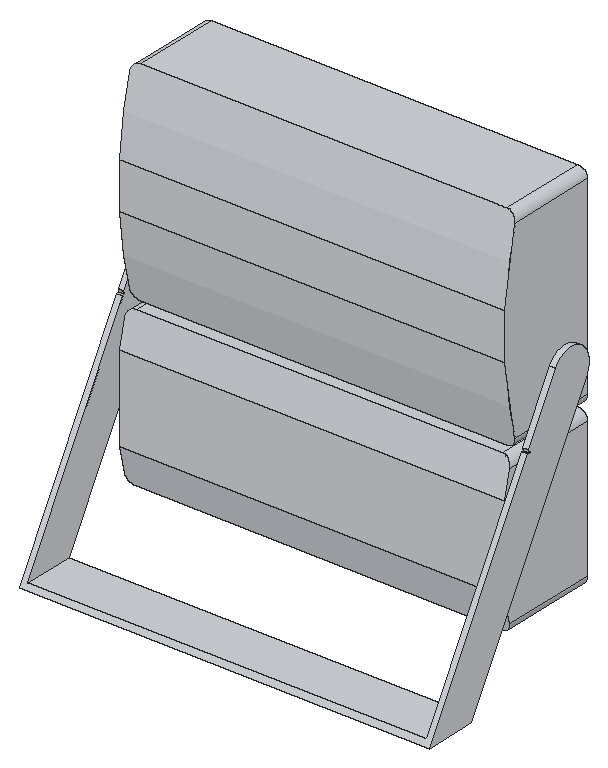
Revit family "Lighting-Floodlights-GEWISS-SMART[PRO]2.0-LED-MEDIUM-POWER_2MODULE_CLI", category Apparecchi per illuminazione, host Superficie, Revit 2019
Family settings
  Host = Superficie
  Quota connettore circolare = Usa diametro
  Tipo di parte = Normale
  Taglio con vuoti quando caricato = No
  Sorgente d'illuminazione = No
  Condiviso = No
  Punto di calcolo locali = No
Parameters (values of type "GWP2285NS - SMARTPRO2.0 2M 5700K CRI80 A3 1-10V CL1")
  Working temperature = ""
  Wiring = "Watertight connector"
  Weight (kg): = "13"
  Weight (kg) = ""
  Warranty = "5 years"
  Voltage- = ""
  Versions = "5700K cold light"
  Version type = ""
  Version file RFA = "20.11"
  VISIBILITA PROIETTORE IN PIANTA [instance] = no
  VIBILITA SIMBOLO [instance] = not(VISIBILITA PROIETTORE IN PIANTA)  # yes
  Unique digital code (Datamatrix) = "Currently not present"
  Unified Glare Rating = "G*6 - ULOR = 0"
  URL = "https://www.gewiss.com/ww/en"
  Typology = ""
  Type of light source = "LED - Not replaceable"
  Tilt- = "Rotation on bracket with integrated goniometer"
  Technical sheet = "https://www.gewiss.com/ww/en/search?q=GWP2285NS"
  System power = "330W"
  Supply voltage = "220 - 240 V"
  Stocking temperature = "-"
  Standards and approvals = "-"
  Standard- = "EN60598-1; EN60598-2-5; IEC 62778; IEC 62471; EN13201"
  Standard Deviation Colour Matching = "SDCM = 3"
  Spostamento_x_effettivo = 4000 mm - Spostamento_x  # 1813.822 mm
  Spostamento_x = 2186.178 mm
  Shock resistance = "IK08"
  Shield type = "Flat tempered glass 4mm"
  SEO = "Floodlight"
  Regolazione inclinazione = ""
  Realized by GEWISS S.p.A. = ""
  Rated frequency (Hz) = "50 / 60"
  Default Elevation = 1219.2 mm
  Produttore = "GEWISS S.p.A."
  Photobiological Risk Class = "-"
  Overvoltage resistance : = ""
  Overvoltage protection = "DM 5KV / CM 10KV"
  Optic and illuminating features = "-"
  Optic Maintenance = "Not available"
  Optic : = "Polished anodised aluminum reflector with 99.99% pure aluminum"
  Optic = "A3 - Assymetric Narrow"
  Operating temperature: = ""
  Operating temperature : = "-30 +50 °C"
  N° LED = ""
  Number of modules = ""
  No. Chorus modules = ""
  Mouting and installation = "High-mast lighting - Wall mounting - Ground mouting"
  Modello = "GWP2285NS"
  Minimum distance from the illuminated object = ""
  Maximum surface exposed to the wind : = "0,170 m2"
  Maximum surface exposed to the wind = ""
  Materials = "-"
  Luminaire = "LED luminaire with small,mid and high lumen power"
  Lumen output (lm) = "37200"
  Locking Hook = "Hexagonal metric screws"
  Lifetime = "L90B10 (Tq+25°C) - 40000h L90B10 (Tq+50°C) = 32000h L80B10 (Tq+25°C) - 90000h"
  Life Time L90B10 (Tq 50Â°C) : = ""
  Life Time L90B10 (Tq 25Â°C) : = ""
  Life Time L80B10 (Tq 25Â°C) = ""
  Lampada = "LED"
  Lamp- = ""
  LED current = ""
  LED Maintenance = "Not available"
  LED Life time (L90B10) = ""
  LED Life time (L80B10) = ""
  LED Life time (L70B10) = ""
  Insulation class = "I"
  Installationa and maintenance = "-"
  Immagine tipo = GWP2275AS.jpg
  IPEA = "ROAD = A // LARGE AREAS = A3 + // CYCLOPEDONALS = A + // GREEN AREAS = A + // HISTORICAL CENTER = A5 + // OTHER = A5 +"
  IP degree = "IP66"
  IFC.TypeObject = ""
  IFC.ExportType = ""
  IFC.ExportAs = ""
  IDT = "94ca63f114e34adea3421514a6ca964f"
  IDF = "b469e256-7a48-4a8c-90a1-02dc77c86b94"
  Glow Wire Test : = "-"
  General information = "-"
  Gasket = "Anti-aging silicone"
  GW - Codice Electrocod = "2424"
  Flusso nominale = ""
  Fixing = "Bracket"
  External screw = "Stainless steel"
  Eletrical and lighting features = "-"
  Efficiency (lm/W) = "113"
  EAN code = ""
  Driver Box = "Built-in"
  Driver = "Included"
  Device with reduced surface temperature = "No"
  Descrizione = "SMARTPRO2.0 2M 5700K CRI80 A3 1-10V CL1"
  DIN 18032-3 certification = "Yes"
  Control System = "Stand Alone - 1/10V"
  Context = "Sport, Big Areas"
  Colour temperature: = ""
  Colour temperature = "5700K"
  Colour : = "Polyester powder coated"
  Colour = "Graphite grey"
  Color Rendering Index = "CRI-80"
  Classification: = "-"
  Catalogue Range = ""
  Catalogue = "LIGHTING"
  COBie.Tagnumber = ""
  COBie.CreatedOn = ""
  COBie.CreatebBy = ""
  COBie.ComponentRegisterItemID = ""
  COBie.Component.TagNumber = ""
  COBie.Component.Space = ""
  COBie.Component.SerialNumber = ""
  COBie.Component.InstallationDate = ""
  COBie.Component.Description = ""
  COBie.Component.BarCode = ""
  Body = "Die-cast aluminium -"
  Applicazione = "Indoor / Outdoor"
Reference planes
  plane 1 "Centro (Fronte/Retro)": y = 0
  plane 2: z = 0
  plane 3 "Centro (Sinistra/Destra)": x = 0
  plane 4: x = -1813.822
  plane 5: x = 0
Lines and regions (mm)
  Masking region 1, visible <- "VISIBILITA PROIETTORE IN PIANTA"
    outline origin (0, 0, 0) x (1, 0, 0) y (0, 1, 0)
      loop
        line (-199.835, 106.682) -> (-199.835, -103.584) -> (200.165, -103.584) -> (200.165, 106.682) -> (-199.835, 106.682)
  Masking region 2, visible <- "VISIBILITA PROIETTORE IN PIANTA"
    outline origin (0, 0, 0) x (1, 0, 0) y (0, 1, 0)
      loop
        line (-212.835, -113.135) -> (213.165, -113.135) -> (213.165, 106.682) -> (207.165, 106.682) -> (207.165, -110.249) -> (-207.165, -110.249) -> (-207.165, 106.682) -> (-212.835, 106.682) -> (-212.835, -113.135)
  symbolic lines, visible <- "VISIBILITA PROIETTORE IN PIANTA"
    curve 1: line (-193.91, 0, 417.088) -> (173.228, 0, 417.088)
    curve 2: line (-206.772, 0, 217.838) -> (-206.772, 0, 404.227)
    curve 3: line (173.228, 0, 197.838) -> (-186.772, 0, 197.838)
    curve 4: line (193.228, 0, 397.088) -> (193.228, 0, 217.838)
    curve 5: arc (-206.772, 0, 404.227) -> (-203.005, 0, 413.321) -> (-193.91, 0, 417.088) r 12.861
    curve 6: arc (193.228, 0, 397.088) -> (187.37, 0, 411.23) -> (173.228, 0, 417.088) r 20
    curve 7: arc (173.228, 0, 197.838) -> (187.37, 0, 203.696) -> (193.228, 0, 217.838) r 20
    curve 8: arc (-206.772, 0, 217.838) -> (-200.914, 0, 203.696) -> (-186.772, 0, 197.838) r 20
    curve 9: line (-193.91, 0, 182.088) -> (173.228, 0, 182.088)
    curve 10: line (-206.772, 0, 57.838) -> (-206.772, 0, 169.227)
    curve 11: line (173.228, 0, 37.838) -> (-186.772, 0, 37.838)
    curve 12: line (193.228, 0, 162.088) -> (193.228, 0, 57.838)
    curve 13: arc (-206.772, 0, 169.227) -> (-203.005, 0, 178.321) -> (-193.91, 0, 182.088) r 12.861
    curve 14: arc (193.228, 0, 162.088) -> (187.37, 0, 176.23) -> (173.228, 0, 182.088) r 20
    curve 15: arc (173.228, 0, 37.838) -> (187.37, 0, 43.696) -> (193.228, 0, 57.838) r 20
    curve 16: arc (-206.772, 0, 57.838) -> (-200.914, 0, 43.696) -> (-186.772, 0, 37.838) r 20
    curve 17: line (-227.35, 0, 25) -> (-227.35, 0, 253.745)
    curve 18: line (-222.35, 0, 248.021) -> (-222.35, 0, 30)
    curve 19: line (181.521, 0, 0) -> (-192.35, 0, 0)
    curve 20: line (-197.35, 0, -5) -> (186.521, 0, -5)
    curve 21: arc (-227.35, 0, 25) -> (-218.563, 0, 3.787) -> (-197.35, 0, -5) r 30
    curve 22: arc (-222.35, 0, 30) -> (-213.563, 0, 8.787) -> (-192.35, 0, 0) r 30
    curve 23: line (-227.35, 0, 211.958) -> (-225.82, 0, 211.958)
    curve 24: line (-225.82, 0, 211.958) -> (-227.841, 0, 215.455)
    curve 25: line (-227.841, 0, 215.455) -> (-231.85, 0, 222.399)
    curve 26: line (-231.85, 0, 222.399) -> (-231.85, 0, 228.935)
    curve 27: line (-231.85, 0, 228.935) -> (-231.85, 0, 247.511)
    curve 28: line (-231.85, 0, 247.511) -> (-226.218, 0, 257.265)
    curve 29: line (-222.35, 0, 211.265) -> (-204.35, 0, 211.265)
    curve 30: line (-204.35, 0, 257.265) -> (-226.218, 0, 257.265)
    curve 31: line (216.521, 0, 25) -> (216.521, 0, 253.745)
    curve 32: line (211.521, 0, 248.021) -> (211.521, 0, 30)
    curve 33: arc (216.521, 0, 25) -> (207.734, 0, 3.787) -> (186.521, 0, -5) r 30
    curve 34: arc (211.521, 0, 30) -> (202.734, 0, 8.787) -> (181.521, 0, 0) r 30
    curve 35: line (216.521, 0, 211.958) -> (214.991, 0, 211.958)
    curve 36: line (214.991, 0, 211.958) -> (217.011, 0, 215.455)
    curve 37: line (217.011, 0, 215.455) -> (221.021, 0, 222.399)
    curve 38: line (221.021, 0, 222.399) -> (221.021, 0, 228.935)
    curve 39: line (221.021, 0, 228.935) -> (221.021, 0, 247.511)
    curve 40: line (221.021, 0, 247.511) -> (215.389, 0, 257.265)
    curve 41: line (211.521, 0, 211.265) -> (193.521, 0, 211.265)
    curve 42: line (193.521, 0, 257.265) -> (215.389, 0, 257.265)
  symbolic lines, visible <- "VISIBILITA PROIETTORE IN PIANTA", not visible
    curve 43: line (-193.91, 0, 417.088) -> (173.228, 0, 417.088)
    curve 44: line (-206.772, 0, 217.838) -> (-206.772, 0, 404.227)
    curve 45: line (173.228, 0, 197.838) -> (-186.772, 0, 197.838)
    curve 46: line (193.228, 0, 397.088) -> (193.228, 0, 217.838)
    curve 47: arc (-206.772, 0, 404.227) -> (-203.005, 0, 413.321) -> (-193.91, 0, 417.088) r 12.861
    curve 48: arc (193.228, 0, 397.088) -> (187.37, 0, 411.23) -> (173.228, 0, 417.088) r 20
    curve 49: arc (173.228, 0, 197.838) -> (187.37, 0, 203.696) -> (193.228, 0, 217.838) r 20
    curve 50: arc (-206.772, 0, 217.838) -> (-200.914, 0, 203.696) -> (-186.772, 0, 197.838) r 20
    curve 51: line (-193.91, 0, 182.088) -> (173.228, 0, 182.088)
    curve 52: line (-206.772, 0, 57.838) -> (-206.772, 0, 169.227)
    curve 53: line (173.228, 0, 37.838) -> (-186.772, 0, 37.838)
    curve 54: line (193.228, 0, 162.088) -> (193.228, 0, 57.838)
    curve 55: arc (-206.772, 0, 169.227) -> (-203.005, 0, 178.321) -> (-193.91, 0, 182.088) r 12.861
    curve 56: arc (193.228, 0, 162.088) -> (187.37, 0, 176.23) -> (173.228, 0, 182.088) r 20
    curve 57: arc (173.228, 0, 37.838) -> (187.37, 0, 43.696) -> (193.228, 0, 57.838) r 20
    curve 58: arc (-206.772, 0, 57.838) -> (-200.914, 0, 43.696) -> (-186.772, 0, 37.838) r 20
    curve 59: line (-227.35, 0, 25) -> (-227.35, 0, 253.745)
    curve 60: line (-222.35, 0, 248.021) -> (-222.35, 0, 30)
    curve 61: line (181.521, 0, 0) -> (-192.35, 0, 0)
    curve 62: line (-197.35, 0, -5) -> (186.521, 0, -5)
    curve 63: arc (-227.35, 0, 25) -> (-218.563, 0, 3.787) -> (-197.35, 0, -5) r 30
    curve 64: arc (-222.35, 0, 30) -> (-213.563, 0, 8.787) -> (-192.35, 0, 0) r 30
    curve 65: line (-227.35, 0, 211.958) -> (-225.82, 0, 211.958)
    curve 66: line (-225.82, 0, 211.958) -> (-227.841, 0, 215.455)
    curve 67: line (-227.841, 0, 215.455) -> (-231.85, 0, 222.399)
    curve 68: line (-231.85, 0, 222.399) -> (-231.85, 0, 228.935)
    curve 69: line (-231.85, 0, 228.935) -> (-231.85, 0, 247.511)
    curve 70: line (-231.85, 0, 247.511) -> (-226.218, 0, 257.265)
    curve 71: line (-222.35, 0, 211.265) -> (-204.35, 0, 211.265)
    curve 72: line (-204.35, 0, 257.265) -> (-226.218, 0, 257.265)
    curve 73: line (216.521, 0, 25) -> (216.521, 0, 253.745)
    curve 74: line (211.521, 0, 248.021) -> (211.521, 0, 30)
    curve 75: arc (216.521, 0, 25) -> (207.734, 0, 3.787) -> (186.521, 0, -5) r 30
    curve 76: arc (211.521, 0, 30) -> (202.734, 0, 8.787) -> (181.521, 0, 0) r 30
    curve 77: line (216.521, 0, 211.958) -> (214.991, 0, 211.958)
    curve 78: line (214.991, 0, 211.958) -> (217.011, 0, 215.455)
    curve 79: line (217.011, 0, 215.455) -> (221.021, 0, 222.399)
    curve 80: line (221.021, 0, 222.399) -> (221.021, 0, 228.935)
    curve 81: line (221.021, 0, 228.935) -> (221.021, 0, 247.511)
    curve 82: line (221.021, 0, 247.511) -> (215.389, 0, 257.265)
    curve 83: line (211.521, 0, 211.265) -> (193.521, 0, 211.265)
    curve 84: line (193.521, 0, 257.265) -> (215.389, 0, 257.265)
Dimensions and locks
  plane 4 to plane 3 "Centro (Sinistra/Destra)" = 1813.822 mm
  "Spostamento_x_effettivo": plane 4 to plane 5
  aligned and locked: plane 2 to host face
  aligned and locked: level to host face
  aligned and locked: plane 3 "Centro (Sinistra/Destra)" to nested 1
  aligned and locked: plane 1 "Centro (Fronte/Retro)" to nested 1
  aligned and locked: plane 5 to nested 2
Automatic sketch dimensions
  host sketch curve to host sketch curve = 2438.4 mm  (x2)
  Masking region 1 sketch curve to plane 3 "Centro (Sinistra/Destra)" = 199.835 mm
  plane 3 "Centro (Sinistra/Destra)" to Masking region 1 sketch curve = 200.165 mm
  plane 1 "Centro (Fronte/Retro)" to Masking region 1 sketch curve = 103.584 mm
  Masking region 1 sketch curve to plane 1 "Centro (Fronte/Retro)" = 106.682 mm
  Masking region 2 sketch curve to plane 3 "Centro (Sinistra/Destra)" = 212.835 mm
  Masking region 2 sketch curve to Masking region 2 sketch curve = 5.671 mm
  plane 3 "Centro (Sinistra/Destra)" to Masking region 2 sketch curve = 207.165 mm
  Masking region 2 sketch curve to Masking region 2 sketch curve = 6 mm
  plane 1 "Centro (Fronte/Retro)" to Masking region 2 sketch curve = 113.135 mm
  Masking region 2 sketch curve to Masking region 2 sketch curve = 2.887 mm
  Masking region 2 sketch curve to plane 1 "Centro (Fronte/Retro)" = 106.682 mm  (x2)
Nested families
  nested 1: "SMART[PRO]2.0 PROIETTORI LED MEDIA POTENZA 2 MOD DALI_BASE" at (-212.835, -103.584, 0), type "GWP2273AD - 3000K - Symm. S1 - 2x80 LED - 330W - IP66"
  nested 2: "SIMB2DALI" at (0, 20, 0), type "SIMB2DALI"
  nested 3: "SIMB2DALI" at (0, 0, 228.171) x (1, 0, 0) z (0, -1, 0), visible <- "VIBILITA SIMBOLO", type "SIMB2DALI"
Definition of nested family "SMART[PRO]2.0 PROIETTORI LED MEDIA POTENZA 2 MOD DALI_BASE"
  Parameters (values of type "GWP2273AD - 3000K - Symm. S1 - 2x80 LED - 330W - IP66")
    l = 400 mm  # constant formula
    Vetro = none
    Versioni = "Luce calda 3000K"
    Temperatura di colore = "3000 K (CRI 70)"
    Superficie massima esposta al vento [mq] = "0,43"
    Serie = "SMART [PRO] 2.0"
    Resistenza agli urti = "IK08"
    Regolazione inclinazione = "-180° ÷ + 180° staffa"
    Default Elevation = 1219.2 mm
    Manufacturer = "GEWISS"
    Potenza di sistema = "330W"
    Peso (kg) = "13"
    Ottica = "Simmetrica S1"
    N° LED = "160"
    Numero moduli = "2 (2x80 LED)"
    Model = "GWP2273AD"
    Lumen output (lm) = "34925"
    Lamp = "LED"
    Type Image = element 180151
    GW - Grado di protezione = "IP66"
    Garanzia = "5 anni"
    GEWISS SCHEDA TECNICA = "http://pro.gewiss.com/irj/portal/?NavigationTarget=pcd:portal_content/com.gewiss.ZPPFDMain/com.gewiss.ZPPFDITMain/com.gewiss.ZPPFDITMainDefault/com.gewiss.ZPPFDITPages/com.gewiss.ZPPFDITPagesAP/com.gewiss.ZPPFDITPagesAPCatalogo/com.gewiss.ZPPPDITAPProductDetail&codProd=GWP2273AD"
    Flusso nominale = "44800"
    Description = "SMART PRO 2M 3000K CRI70 TYPE S1 DALI"
    GW - Codice Electrocod = "2424"
    Classe isolamento = "I"
    Applicazione = "Interno / Esterno"
  Types (32, lengths in mm): name | Versioni | Temperatura di colore | Ottica | Model | Lumen output (lm) | GEWISS SCHEDA TECNICA | Flusso nominale | Description
    GWP2273AD - 3000K - Symm. S1 - 2x80 LED - 330W - IP66 | "Luce calda 3000K" | "3000 K (CRI 70)" | "Simmetrica S1" | "GWP2273AD" | "34925" | "http://pro.gewiss.com/irj/portal/?NavigationTarget=pcd:portal_content/com.gewiss.ZPPFDMain/com.gewiss.ZPPFDITMain/com.gewiss.ZPPFDITMainDefault/com.gewiss.ZPPFDITPages/com.gewiss.ZPPFDITPagesAP/com.gewiss.ZPPFDITPagesAPCatalogo/com.gewiss.ZPPPDITAPProductDetail&codProd=GWP2273AD" | "44800" | "SMART PRO 2M 3000K CRI70 TYPE S1 DALI"
    GWP2273BD - 3000K - Symm. S2 - 2x80 LED - 330W - IP66 | "Luce calda 3000K" | "3000 K (CRI 70)" | "Simmetrica S2" | "GWP2273BD" | "37137" | "http://pro.gewiss.com/irj/portal/?NavigationTarget=pcd:portal_content/com.gewiss.ZPPFDMain/com.gewiss.ZPPFDITMain/com.gewiss.ZPPFDITMainDefault/com.gewiss.ZPPFDITPages/com.gewiss.ZPPFDITPagesAP/com.gewiss.ZPPFDITPagesAPCatalogo/com.gewiss.ZPPPDITAPProductDetail&codProd=GWP2273BD" | "44800" | "SMART PRO 2M 3000K CRI70 TYPE S2 DALI"
    GWP2273CD - 3000K - Asymm. A1 - 2x80 LED - 330W - IP66 | "Luce calda 3000K" | "3000 K (CRI 70)" | "Asimmetrica A1" | "GWP2273CD" | "34141" | "http://pro.gewiss.com/irj/portal/?NavigationTarget=pcd:portal_content/com.gewiss.ZPPFDMain/com.gewiss.ZPPFDITMain/com.gewiss.ZPPFDITMainDefault/com.gewiss.ZPPFDITPages/com.gewiss.ZPPFDITPagesAP/com.gewiss.ZPPFDITPagesAPCatalogo/com.gewiss.ZPPPDITAPProductDetail&codProd=GWP2273CD" | "44800" | "SMART PRO 2M 3000K CRI70 TYPE A1 DALI"
    GWP2273FD - 3000K - Asymm. A2 - 2x80 LED - 330W - IP66 | "Luce calda 3000K" | "3000 K (CRI 70)" | "Asimmetrica A2" | "GWP2273FD" | "29176" | "http://pro.gewiss.com/irj/portal/?NavigationTarget=pcd:portal_content/com.gewiss.ZPPFDMain/com.gewiss.ZPPFDITMain/com.gewiss.ZPPFDITMainDefault/com.gewiss.ZPPFDITPages/com.gewiss.ZPPFDITPagesAP/com.gewiss.ZPPFDITPagesAPCatalogo/com.gewiss.ZPPPDITAPProductDetail&codProd=GWP2273FD" | "44800" | "SMART PRO 2M 3000K CRI70 TYPE A2 DALI"
    GWP2273GD - 3000K - Circ. C4 - 2x80 LED - 330W - IP66 | "Luce calda 3000K" | "3000 K (CRI 70)" | "Circolare C4" | "GWP2273GD" | "35261" | "http://pro.gewiss.com/irj/portal/?NavigationTarget=pcd:portal_content/com.gewiss.ZPPFDMain/com.gewiss.ZPPFDITMain/com.gewiss.ZPPFDITMainDefault/com.gewiss.ZPPFDITPages/com.gewiss.ZPPFDITPagesAP/com.gewiss.ZPPFDITPagesAPCatalogo/com.gewiss.ZPPPDITAPProductDetail&codProd=GWP2273GD" | "44800" | "SMART PRO 2M 3000K CRI70 TYPE C4 DALI"
    GWP2273HD - 3000K - Circ. C3 - 2x80 LED - 330W - IP66 | "Luce calda 3000K" | "3000 K (CRI 70)" | "Circolare C3" | "GWP2273HD" | "35261" | "http://pro.gewiss.com/irj/portal/?NavigationTarget=pcd:portal_content/com.gewiss.ZPPFDMain/com.gewiss.ZPPFDITMain/com.gewiss.ZPPFDITMainDefault/com.gewiss.ZPPFDITPages/com.gewiss.ZPPFDITPagesAP/com.gewiss.ZPPFDITPagesAPCatalogo/com.gewiss.ZPPPDITAPProductDetail&codProd=GWP2273HD" | "44800" | "SMART PRO 2M 3000K CRI70 TYPE C3 DALI"
    GWP2273LD - 3000K - Circ. C2 - 2x80 LED - 330W - IP66 | "Luce calda 3000K" | "3000 K (CRI 70)" | "Circolare C2" | "GWP2273LD" | "35261" | "http://pro.gewiss.com/irj/portal/?NavigationTarget=pcd:portal_content/com.gewiss.ZPPFDMain/com.gewiss.ZPPFDITMain/com.gewiss.ZPPFDITMainDefault/com.gewiss.ZPPFDITPages/com.gewiss.ZPPFDITPagesAP/com.gewiss.ZPPFDITPagesAPCatalogo/com.gewiss.ZPPPDITAPProductDetail&codProd=GWP2273LD" | "44800" | "SMART PRO 2M 3000K CRI70 TYPE C2 DALI"
    GWP2273MD - 3000K - Circ. C1 - 2x80 LED - 330W - IP66 | "Luce calda 3000K" | "3000 K (CRI 70)" | "Circolare C1" | "GWP2273MD" | "35261" | "http://pro.gewiss.com/irj/portal/?NavigationTarget=pcd:portal_content/com.gewiss.ZPPFDMain/com.gewiss.ZPPFDITMain/com.gewiss.ZPPFDITMainDefault/com.gewiss.ZPPFDITPages/com.gewiss.ZPPFDITPagesAP/com.gewiss.ZPPFDITPagesAPCatalogo/com.gewiss.ZPPPDITAPProductDetail&codProd=GWP2273MD" | "44800" | "SMART PRO 2M 3000K CRI70 TYPE C1 DALI"
    GWP2274AD - 4000K - Symm. S1 - 2x80 LED - 330W - IP66 | "Luce naturale 4000K" | "4000 K (CRI 70)" | "Simmetrica S1" | "GWP2274AD" | "37420" | "http://pro.gewiss.com/irj/portal/?NavigationTarget=pcd:portal_content/com.gewiss.ZPPFDMain/com.gewiss.ZPPFDITMain/com.gewiss.ZPPFDITMainDefault/com.gewiss.ZPPFDITPages/com.gewiss.ZPPFDITPagesAP/com.gewiss.ZPPFDITPagesAPCatalogo/com.gewiss.ZPPPDITAPProductDetail&codProd=GWP2274AD" | "48000" | "SMART PRO 2M 4000K CRI70 TYPE S1 DALI"
    GWP2274BD - 4000K - Symm. S2 - 2x80 LED - 330W - IP66 | "Luce naturale 4000K" | "4000 K (CRI 70)" | "Simmetrica S2" | "GWP2274BD" | "39790" | "http://pro.gewiss.com/irj/portal/?NavigationTarget=pcd:portal_content/com.gewiss.ZPPFDMain/com.gewiss.ZPPFDITMain/com.gewiss.ZPPFDITMainDefault/com.gewiss.ZPPFDITPages/com.gewiss.ZPPFDITPagesAP/com.gewiss.ZPPFDITPagesAPCatalogo/com.gewiss.ZPPPDITAPProductDetail&codProd=GWP2274BD" | "48000" | "SMART PRO 2M 4000K CRI70 TYPE S2 DALI"
    GWP2274CD - 4000K - Asymm. A1 - 2x80 LED - 330W - IP66 | "Luce naturale 4000K" | "4000 K (CRI 70)" | "Asimmetrica A1" | "GWP2274CD" | "36580" | "http://pro.gewiss.com/irj/portal/?NavigationTarget=pcd:portal_content/com.gewiss.ZPPFDMain/com.gewiss.ZPPFDITMain/com.gewiss.ZPPFDITMainDefault/com.gewiss.ZPPFDITPages/com.gewiss.ZPPFDITPagesAP/com.gewiss.ZPPFDITPagesAPCatalogo/com.gewiss.ZPPPDITAPProductDetail&codProd=GWP2274CD" | "48000" | "SMART PRO 2M 4000K CRI70 TYPE A1 DALI"
    GWP2274FD - 4000K - Asymm. A2 - 2x80 LED - 330W - IP66 | "Luce naturale 4000K" | "4000 K (CRI 70)" | "Asimmetrica A2" | "GWP2274FD" | "31260" | "http://pro.gewiss.com/irj/portal/?NavigationTarget=pcd:portal_content/com.gewiss.ZPPFDMain/com.gewiss.ZPPFDITMain/com.gewiss.ZPPFDITMainDefault/com.gewiss.ZPPFDITPages/com.gewiss.ZPPFDITPagesAP/com.gewiss.ZPPFDITPagesAPCatalogo/com.gewiss.ZPPPDITAPProductDetail&codProd=GWP2274FD" | "48000" | "SMART PRO 2M 4000K CRI70 TYPE A2 DALI"
    GWP2274GD - 4000K - Circ. C4 - 2x80 LED - 330W - IP66 | "Luce naturale 4000K" | "4000 K (CRI 70)" | "Circolare C4" | "GWP2274GD" | "37780" | "http://pro.gewiss.com/irj/portal/?NavigationTarget=pcd:portal_content/com.gewiss.ZPPFDMain/com.gewiss.ZPPFDITMain/com.gewiss.ZPPFDITMainDefault/com.gewiss.ZPPFDITPages/com.gewiss.ZPPFDITPagesAP/com.gewiss.ZPPFDITPagesAPCatalogo/com.gewiss.ZPPPDITAPProductDetail&codProd=GWP2274GD" | "48000" | "SMART PRO 2M 4000K CRI70 TYPE C4 DALI"
    GWP2274HD - 4000K - Circ. C3 - 2x80 LED - 330W - IP66 | "Luce naturale 4000K" | "4000 K (CRI 70)" | "Circolare C3" | "GWP2274HD" | "37780" | "http://pro.gewiss.com/irj/portal/?NavigationTarget=pcd:portal_content/com.gewiss.ZPPFDMain/com.gewiss.ZPPFDITMain/com.gewiss.ZPPFDITMainDefault/com.gewiss.ZPPFDITPages/com.gewiss.ZPPFDITPagesAP/com.gewiss.ZPPFDITPagesAPCatalogo/com.gewiss.ZPPPDITAPProductDetail&codProd=GWP2274HD" | "48000" | "SMART PRO 2M 4000K CRI70 TYPE C3 DALI"
    GWP2274LD - 4000K - Circ. C2 - 2x80 LED - 330W - IP66 | "Luce naturale 4000K" | "4000 K (CRI 70)" | "Circolare C2" | "GWP2274LD" | "37780" | "http://pro.gewiss.com/irj/portal/?NavigationTarget=pcd:portal_content/com.gewiss.ZPPFDMain/com.gewiss.ZPPFDITMain/com.gewiss.ZPPFDITMainDefault/com.gewiss.ZPPFDITPages/com.gewiss.ZPPFDITPagesAP/com.gewiss.ZPPFDITPagesAPCatalogo/com.gewiss.ZPPPDITAPProductDetail&codProd=GWP2274LD" | "48000" | "SMART PRO 2M 4000K CRI70 TYPE C2 DALI"
    GWP2274MD - 4000K - Circ. C1 - 2x80 LED - 330W - IP66 | "Luce naturale 4000K" | "4000 K (CRI 70)" | "Circolare C1" | "GWP2274MD" | "37780" | "http://pro.gewiss.com/irj/portal/?NavigationTarget=pcd:portal_content/com.gewiss.ZPPFDMain/com.gewiss.ZPPFDITMain/com.gewiss.ZPPFDITMainDefault/com.gewiss.ZPPFDITPages/com.gewiss.ZPPFDITPagesAP/com.gewiss.ZPPFDITPagesAPCatalogo/com.gewiss.ZPPPDITAPProductDetail&codProd=GWP2274MD" | "48000" | "SMART PRO 2M 4000K CRI70 TYPE C1 DALI"
    GWP2275AD - 5700K - Symm. S1 - 2x80 LED - 330W - IP66 | "Luce fredda 5700K" | "5700 K (CRI 70)" | "Simmetrica S1" | "GWP2275AD" | "37420" | "http://pro.gewiss.com/irj/portal/?NavigationTarget=pcd:portal_content/com.gewiss.ZPPFDMain/com.gewiss.ZPPFDITMain/com.gewiss.ZPPFDITMainDefault/com.gewiss.ZPPFDITPages/com.gewiss.ZPPFDITPagesAP/com.gewiss.ZPPFDITPagesAPCatalogo/com.gewiss.ZPPPDITAPProductDetail&codProd=GWP2275AD" | "48000" | "SMART PRO 2M 5700K CRI70 TYPE S1 DALI"
    GWP2275BD - 5700K - Symm. S2 - 2x80 LED - 330W - IP66 | "Luce fredda 5700K" | "5700 K (CRI 70)" | "Simmetrica S2" | "GWP2275BD" | "39790" | "http://pro.gewiss.com/irj/portal/?NavigationTarget=pcd:portal_content/com.gewiss.ZPPFDMain/com.gewiss.ZPPFDITMain/com.gewiss.ZPPFDITMainDefault/com.gewiss.ZPPFDITPages/com.gewiss.ZPPFDITPagesAP/com.gewiss.ZPPFDITPagesAPCatalogo/com.gewiss.ZPPPDITAPProductDetail&codProd=GWP2275BD" | "48000" | "SMART PRO 2M 5700K CRI70 TYPE S2 DALI"
    GWP2275CD - 5700K - Asymm. A1 - 2x80 LED - 330W - IP66 | "Luce fredda 5700K" | "5700 K (CRI 70)" | "Asimmetrica A1" | "GWP2275CD" | "36580" | "http://pro.gewiss.com/irj/portal/?NavigationTarget=pcd:portal_content/com.gewiss.ZPPFDMain/com.gewiss.ZPPFDITMain/com.gewiss.ZPPFDITMainDefault/com.gewiss.ZPPFDITPages/com.gewiss.ZPPFDITPagesAP/com.gewiss.ZPPFDITPagesAPCatalogo/com.gewiss.ZPPPDITAPProductDetail&codProd=GWP2275CD" | "48000" | "SMART PRO 2M 5700K CRI70 TYPE A1 DALI"
    GWP2275FD - 5700K - Asymm. A2 - 2x80 LED - 330W - IP66 | "Luce fredda 5700K" | "5700 K (CRI 70)" | "Asimmetrica A2" | "GWP2275FD" | "31260" | "http://pro.gewiss.com/irj/portal/?NavigationTarget=pcd:portal_content/com.gewiss.ZPPFDMain/com.gewiss.ZPPFDITMain/com.gewiss.ZPPFDITMainDefault/com.gewiss.ZPPFDITPages/com.gewiss.ZPPFDITPagesAP/com.gewiss.ZPPFDITPagesAPCatalogo/com.gewiss.ZPPPDITAPProductDetail&codProd=GWP2275FD" | "48000" | "SMART PRO 2M 5700K CRI70 TYPE A2 DALI"
    GWP2275GD - 5700K - Circ. C4 - 2x80 LED - 330W - IP66 | "Luce fredda 5700K" | "5700 K (CRI 70)" | "Circolare C4" | "GWP2275GD" | "37780" | "http://pro.gewiss.com/irj/portal/?NavigationTarget=pcd:portal_content/com.gewiss.ZPPFDMain/com.gewiss.ZPPFDITMain/com.gewiss.ZPPFDITMainDefault/com.gewiss.ZPPFDITPages/com.gewiss.ZPPFDITPagesAP/com.gewiss.ZPPFDITPagesAPCatalogo/com.gewiss.ZPPPDITAPProductDetail&codProd=GWP2275GD" | "48000" | "SMART PRO 2M 5700K CRI70 TYPE C4 DALI"
    GWP2275HD - 5700K - Circ. C3 - 2x80 LED - 330W - IP66 | "Luce fredda 5700K" | "5700 K (CRI 70)" | "Circolare C3" | "GWP2275HD" | "37780" | "http://pro.gewiss.com/irj/portal/?NavigationTarget=pcd:portal_content/com.gewiss.ZPPFDMain/com.gewiss.ZPPFDITMain/com.gewiss.ZPPFDITMainDefault/com.gewiss.ZPPFDITPages/com.gewiss.ZPPFDITPagesAP/com.gewiss.ZPPFDITPagesAPCatalogo/com.gewiss.ZPPPDITAPProductDetail&codProd=GWP2275HD" | "48000" | "SMART PRO 2M 5700K CRI70 TYPE C3 DALI"
    GWP2275LD - 5700K - Circ. C2 - 2x80 LED - 330W - IP66 | "Luce fredda 5700K" | "5700 K (CRI 70)" | "Circolare C2" | "GWP2275LD" | "37780" | "http://pro.gewiss.com/irj/portal/?NavigationTarget=pcd:portal_content/com.gewiss.ZPPFDMain/com.gewiss.ZPPFDITMain/com.gewiss.ZPPFDITMainDefault/com.gewiss.ZPPFDITPages/com.gewiss.ZPPFDITPagesAP/com.gewiss.ZPPFDITPagesAPCatalogo/com.gewiss.ZPPPDITAPProductDetail&codProd=GWP2275LD" | "48000" | "SMART PRO 2M 5700K CRI70 TYPE C2 DALI"
    GWP2275MD - 5700K - Circ. C1 - 2x80 LED - 330W - IP66 | "Luce fredda 5700K" | "5700 K (CRI 70)" | "Circolare C1" | "GWP2275MD" | "37780" | "http://pro.gewiss.com/irj/portal/?NavigationTarget=pcd:portal_content/com.gewiss.ZPPFDMain/com.gewiss.ZPPFDITMain/com.gewiss.ZPPFDITMainDefault/com.gewiss.ZPPFDITPages/com.gewiss.ZPPFDITPagesAP/com.gewiss.ZPPFDITPagesAPCatalogo/com.gewiss.ZPPPDITAPProductDetail&codProd=GWP2275MD" | "48000" | "SMART PRO 2M 5700K CRI70 TYPE C1 DALI"
    GWP2284AD | "Luce naturale 4000K" | "4000 K (CRI 70)" | "Simmetrica S1" | "GWP2274AD" | "37420" | "http://pro.gewiss.com/irj/portal/?NavigationTarget=pcd:portal_content/com.gewiss.ZPPFDMain/com.gewiss.ZPPFDITMain/com.gewiss.ZPPFDITMainDefault/com.gewiss.ZPPFDITPages/com.gewiss.ZPPFDITPagesAP/com.gewiss.ZPPFDITPagesAPCatalogo/com.gewiss.ZPPPDITAPProductDetail&codProd=GWP2274AD" | "48000" | "SMART PRO 2M 4000K CRI70 TYPE S1 DALI"
    GWP2284BD | "Luce naturale 4000K" | "4000 K (CRI 70)" | "Simmetrica S2" | "GWP2274BD" | "39790" | "http://pro.gewiss.com/irj/portal/?NavigationTarget=pcd:portal_content/com.gewiss.ZPPFDMain/com.gewiss.ZPPFDITMain/com.gewiss.ZPPFDITMainDefault/com.gewiss.ZPPFDITPages/com.gewiss.ZPPFDITPagesAP/com.gewiss.ZPPFDITPagesAPCatalogo/com.gewiss.ZPPPDITAPProductDetail&codProd=GWP2274BD" | "48000" | "SMART PRO 2M 4000K CRI70 TYPE S2 DALI"
    GWP2284CD | "Luce naturale 4000K" | "4000 K (CRI 70)" | "Asimmetrica A1" | "GWP2274CD" | "36580" | "http://pro.gewiss.com/irj/portal/?NavigationTarget=pcd:portal_content/com.gewiss.ZPPFDMain/com.gewiss.ZPPFDITMain/com.gewiss.ZPPFDITMainDefault/com.gewiss.ZPPFDITPages/com.gewiss.ZPPFDITPagesAP/com.gewiss.ZPPFDITPagesAPCatalogo/com.gewiss.ZPPPDITAPProductDetail&codProd=GWP2274CD" | "48000" | "SMART PRO 2M 4000K CRI70 TYPE A1 DALI"
    GWP2284FD | "Luce naturale 4000K" | "4000 K (CRI 70)" | "Asimmetrica A2" | "GWP2274FD" | "31260" | "http://pro.gewiss.com/irj/portal/?NavigationTarget=pcd:portal_content/com.gewiss.ZPPFDMain/com.gewiss.ZPPFDITMain/com.gewiss.ZPPFDITMainDefault/com.gewiss.ZPPFDITPages/com.gewiss.ZPPFDITPagesAP/com.gewiss.ZPPFDITPagesAPCatalogo/com.gewiss.ZPPPDITAPProductDetail&codProd=GWP2274FD" | "48000" | "SMART PRO 2M 4000K CRI70 TYPE A2 DALI"
    GWP2284GD | "Luce naturale 4000K" | "4000 K (CRI 70)" | "Circolare C4" | "GWP2274GD" | "37780" | "http://pro.gewiss.com/irj/portal/?NavigationTarget=pcd:portal_content/com.gewiss.ZPPFDMain/com.gewiss.ZPPFDITMain/com.gewiss.ZPPFDITMainDefault/com.gewiss.ZPPFDITPages/com.gewiss.ZPPFDITPagesAP/com.gewiss.ZPPFDITPagesAPCatalogo/com.gewiss.ZPPPDITAPProductDetail&codProd=GWP2274GD" | "48000" | "SMART PRO 2M 4000K CRI70 TYPE C4 DALI"
    GWP2284HD | "Luce naturale 4000K" | "4000 K (CRI 70)" | "Circolare C3" | "GWP2274HD" | "37780" | "http://pro.gewiss.com/irj/portal/?NavigationTarget=pcd:portal_content/com.gewiss.ZPPFDMain/com.gewiss.ZPPFDITMain/com.gewiss.ZPPFDITMainDefault/com.gewiss.ZPPFDITPages/com.gewiss.ZPPFDITPagesAP/com.gewiss.ZPPFDITPagesAPCatalogo/com.gewiss.ZPPPDITAPProductDetail&codProd=GWP2274HD" | "48000" | "SMART PRO 2M 4000K CRI70 TYPE C3 DALI"
    GWP2284LD | "Luce naturale 4000K" | "4000 K (CRI 70)" | "Circolare C2" | "GWP2274LD" | "37780" | "http://pro.gewiss.com/irj/portal/?NavigationTarget=pcd:portal_content/com.gewiss.ZPPFDMain/com.gewiss.ZPPFDITMain/com.gewiss.ZPPFDITMainDefault/com.gewiss.ZPPFDITPages/com.gewiss.ZPPFDITPagesAP/com.gewiss.ZPPFDITPagesAPCatalogo/com.gewiss.ZPPPDITAPProductDetail&codProd=GWP2274LD" | "48000" | "SMART PRO 2M 4000K CRI70 TYPE C2 DALI"
    GWP2284MD | "Luce naturale 4000K" | "4000 K (CRI 70)" | "Circolare C1" | "GWP2274MD" | "37780" | "http://pro.gewiss.com/irj/portal/?NavigationTarget=pcd:portal_content/com.gewiss.ZPPFDMain/com.gewiss.ZPPFDITMain/com.gewiss.ZPPFDITMainDefault/com.gewiss.ZPPFDITPages/com.gewiss.ZPPFDITPagesAP/com.gewiss.ZPPFDITPagesAPCatalogo/com.gewiss.ZPPPDITAPProductDetail&codProd=GWP2274MD" | "48000" | "SMART PRO 2M 4000K CRI70 TYPE C1 DALI"
  Reference planes
    plane 1 "Centro (Fronte/Retro)": y = 0
    plane 2: z = 0
    plane 3 "Centro (Sinistra/Destra)": x = 0
    plane 4: x = 5.671
    plane 5: z = 5
    plane 6: x = 426
    plane 7: x = 420
    plane 8: y = -9.551
    plane 9: y = 43.565
    plane 10: z = 267.876
    plane 11: z = 218.171
    plane 12: z = 212.854
    plane 13: x = 13
    plane 14: x = 413
    plane 15: z = 438.501
    plane 16: x = 212.835
    plane 17: z = 48.854
    plane 18: y = 210.266
    plane 19: y = 103.584
    plane 20: x = 23
    plane 21: z = 428.501
    plane 22: z = 228.171
    plane 23: x = 403
    plane 24: y = 174.258
    plane 25: x = 200.335
    plane 26: x = 225.335
  Forms (mm)
    Extrusion 1, solid
      sketch origin (0, 0, 0) x (0, 1, 0) y (0, 0, 1)
        loop
          line (153.15, 281.807) -> (-9.551, 0) -> (43.565, 0) -> (192.952, 258.745)
          arc (192.952, 258.745) -> (184.564, 290.146) -> (153.15, 281.807) r 23
      from 0 to 5.671
    Extrusion 2, solid
      sketch origin (448.871, 0, 0) x (0, 1, 0) y (0, 0, -1)
        loop
          arc (153.15, -281.807) -> (184.564, -290.146) -> (192.952, -258.745) r 23
          line (192.952, -258.745) -> (43.565, 0) -> (-9.551, 0) -> (153.15, -281.807)
      from 22.871 to 28.871
    Extrusion 3, solid
      sketch origin (0, 0, 0) x (0, 1, 0) y (0, 0, 1)
        loop
          line (46.452, 5) -> (-6.664, 5) -> (-9.551, 0) -> (43.565, 0) -> (46.452, 5)
      from 0 to 426
    Extrusion 4, solid
      sketch origin (0, 0, 0) x (1, 0, 0) y (0, 0, 1)
        loop
          arc (23, 438.501) -> (15.929, 435.572) -> (13, 428.501) r 10
          line (13, 428.501) -> (13, 228.171)
          arc (13, 228.171) -> (15.929, 221.1) -> (23, 218.171) r 10
          line (23, 218.171) -> (403, 218.171)
          arc (403, 218.171) -> (410.071, 221.1) -> (413, 228.171) r 10
          line (413, 228.171) -> (413, 428.501)
          arc (413, 428.501) -> (410.071, 435.572) -> (403, 438.501) r 10
          line (403, 438.501) -> (23, 438.501)
      from -210.266 to -103.584
    Extrusion 5, solid
      sketch origin (0, 0, 0) x (1, 0, 0) y (0, 0, 1)
        loop
          line (23, 48.854) -> (403, 48.854)
          arc (403, 48.854) -> (410.071, 51.783) -> (413, 58.854) r 10
          line (413, 58.854) -> (413, 202.854)
          arc (413, 202.854) -> (410.071, 209.925) -> (403, 212.854) r 10
          line (403, 212.854) -> (23, 212.854)
          arc (23, 212.854) -> (15.929, 209.925) -> (13, 202.854) r 10
          line (13, 202.854) -> (13, 58.854)
          arc (13, 58.854) -> (15.929, 51.783) -> (23, 48.854) r 10
      from -210.266 to -103.584
    Extrusion 6, void
      sketch origin (0, 0, 0) x (0, 1, 0) y (0, 0, 1)
        loop
          line (0, 438.501) -> (0, 218.171) -> (119.109, 218.171)
          arc (119.109, 218.171) -> (108.875, 260.63) -> (103.584, 303.983) r 379.693
          line (103.584, 303.983) -> (103.584, 352.689)
          arc (103.584, 352.689) -> (108.875, 396.042) -> (119.109, 438.501) r 379.693
          line (119.109, 438.501) -> (0, 438.501)
      from 0 to 426
    Extrusion 7, void
      sketch origin (0, 0, 0) x (1, 0, 0) y (0, 0, 1)
        loop
          arc (33, 428.501) -> (25.929, 425.572) -> (23, 418.501) r 10
          line (23, 418.501) -> (23, 238.171)
          arc (23, 238.171) -> (25.929, 231.1) -> (33, 228.171) r 10
          line (33, 228.171) -> (393, 228.171)
          arc (393, 228.171) -> (400.071, 231.1) -> (403, 238.171) r 10
          line (403, 238.171) -> (403, 418.501)
          arc (403, 418.501) -> (400.071, 425.572) -> (393, 428.501) r 10
          line (393, 428.501) -> (33, 428.501)
      from -210.266 to -174.258
    Extrusion 8, solid, material <- "Vetro"
      sketch origin (0, 0, 0) x (1, 0, 0) y (0, 0, 1)
        loop
          line (23, 418.501) -> (23, 238.171)
          arc (23, 238.171) -> (25.929, 231.1) -> (33, 228.171) r 10
          line (33, 228.171) -> (393, 228.171)
          arc (393, 228.171) -> (400.071, 231.1) -> (403, 238.171) r 10
          line (403, 238.171) -> (403, 418.501)
          arc (403, 418.501) -> (400.071, 425.572) -> (393, 428.501) r 10
          line (393, 428.501) -> (33, 428.501)
          arc (33, 428.501) -> (25.929, 425.572) -> (23, 418.501) r 10
      from -210.266 to -174.258
    Extrusion 9, void
      sketch origin (0, 0, 0) x (0, 1, 0) y (0, 0, 1)
        loop
          line (103.584, 86.118) -> (103.584, 175.59)
          arc (103.584, 175.59) -> (107.698, 194.338) -> (112.752, 212.854) r 380
          line (112.752, 212.854) -> (0, 212.854) -> (0, 48.854) -> (112.752, 48.854)
          arc (112.752, 48.854) -> (107.698, 67.37) -> (103.584, 86.118) r 380
      from 13 to 413
  Cuts and joins
    Extrusion 6, Extrusion 9 cuts Extrusion 1
    Extrusion 6, Extrusion 9 cuts Extrusion 2
    Extrusion 6, Extrusion 9 cuts Extrusion 3
    joined: Extrusion 1, Extrusion 2, Extrusion 3
    Extrusion 6, Extrusion 7 cuts Extrusion 4
    Extrusion 9 cuts Extrusion 5
  Dimensions and locks
    locked: plane 3 "Centro (Sinistra/Destra)" to plane 4 at 5.671
    locked: plane 5 to level at 5
    locked: plane 6 to plane 7 at 6
    plane 10 to plane 2 = 267.876 mm
    plane 11 to plane 12 = 5.317 mm
    locked: plane 13 to plane 4 at 7.329
    locked: plane 7 to plane 14 at 7
    plane 15 to plane 11 = 220.33 mm
    equal spacing: plane 7, plane 16, plane 4
    "l": plane 14 to plane 13
    locked: plane 20 to plane 13 at 10
    locked: plane 15 to plane 21 at 10
    locked: plane 14 to plane 23 at 10
    locked: plane 22 to plane 11 at 10
    locked: plane 24 to plane 18 at 36.008
    equal spacing: plane 26, plane 16, plane 25
    locked: plane 26 to plane 25 at 25
    radius of Extrusion 4 sketch curve = 10 mm  (x4)
    radius of Extrusion 5 sketch curve = 10 mm  (x4)
    radius of Extrusion 7 sketch curve = 10 mm  (x4)
    radius of Extrusion 8 sketch curve = 10 mm  (x4)
    angle plane 1 "Centro (Fronte/Retro)" to plane 17 = 90.00°
    angle level to plane 19 = 90.00°
    aligned and locked: level to plane 2
    aligned and locked: Extrusion 1 to plane 3 "Centro (Sinistra/Destra)"
    aligned and locked: plane 4 to Extrusion 1
    aligned and locked: plane 6 to Extrusion 2
    aligned and locked: Extrusion 2 to plane 7
    aligned and locked: Extrusion 3 sketch curve to plane 5
    aligned and locked: Extrusion 3 sketch curve to level
    aligned and locked: cut or joined group of Extrusion 1, Extrusion 2, Extrusion 3, Extrusion 6, Extrusion 9 to Extrusion 3 sketch curve
    aligned and locked: Extrusion 3 sketch curve to cut or joined group of Extrusion 1, Extrusion 2, Extrusion 3, Extrusion 6, Extrusion 9
    aligned and locked: plane 6 to cut or joined group of Extrusion 1, Extrusion 2, Extrusion 3, Extrusion 6, Extrusion 9
    aligned and locked: Extrusion 4 sketch curve to plane 15
    aligned and locked: Extrusion 4 sketch curve to plane 13
    aligned and locked: Extrusion 4 sketch curve to plane 14
    aligned and locked: Extrusion 4 sketch curve to plane 11
    aligned and locked: Extrusion 5 sketch curve to plane 17
    aligned and locked: Extrusion 5 sketch curve to plane 13
    aligned and locked: Extrusion 5 sketch curve to plane 12
    aligned and locked: Extrusion 5 sketch curve to plane 14
    aligned and locked: plane 18 to Extrusion 4
    aligned and locked: Extrusion 5 to Extrusion 4
    aligned and locked: plane 19 to Extrusion 4
    aligned and locked: Extrusion 4 to Extrusion 5
    aligned and locked: Extrusion 6 sketch curve to plane 15
    aligned and locked: Extrusion 6 sketch curve to plane 19
    aligned and locked: Extrusion 6 sketch curve to plane 1 "Centro (Fronte/Retro)"
    aligned and locked: Extrusion 6 sketch curve to plane 11
    aligned and locked: plane 6 to Extrusion 6
    aligned and locked: Extrusion 6 to plane 3 "Centro (Sinistra/Destra)"
    aligned and locked: Extrusion 7 sketch curve to plane 21
    aligned and locked: Extrusion 7 sketch curve to plane 20
    aligned and locked: Extrusion 7 sketch curve to plane 22
    aligned and locked: Extrusion 7 sketch curve to plane 23
    aligned and locked: plane 18 to Extrusion 7
    aligned and locked: Extrusion 7 to plane 24
    aligned and locked: Extrusion 8 sketch curve to plane 20
    aligned and locked: Extrusion 8 sketch curve to plane 21
    aligned and locked: Extrusion 8 sketch curve to plane 22
    aligned and locked: Extrusion 8 sketch curve to plane 23
    aligned and locked: plane 18 to Extrusion 8
    aligned and locked: Extrusion 8 to plane 24
    aligned and locked: Extrusion 9 sketch curve to plane 19
    aligned and locked: Extrusion 9 sketch curve to plane 12
    aligned and locked: Extrusion 9 sketch curve to plane 17
    aligned and locked: Extrusion 9 sketch curve to plane 1 "Centro (Fronte/Retro)"
    aligned and locked: Extrusion 9 to plane 13
    aligned and locked: plane 14 to Extrusion 9
  Automatic sketch dimensions
    Extrusion 1 sketch curve to level = 0 mm
    Extrusion 1 sketch curve to plane 8 = 0 mm
    Extrusion 1 sketch curve to plane 9 = 0 mm
    plane 10 to Extrusion 1 sketch curve = 13.931 mm
    Extrusion 1 sketch curve to plane 9 = 109.585 mm
    plane 10 to Extrusion 1 sketch curve = 2.369 mm
    Extrusion 1 sketch curve to Extrusion 1 sketch curve = 19.883 mm
    Extrusion 1 sketch curve to plane 10 = 9.131 mm  (x2)
    Extrusion 1 sketch curve to Extrusion 1 sketch curve = 0 mm
    Extrusion 2 sketch curve to level = 0 mm
    Extrusion 2 sketch curve to plane 8 = 0 mm
    Extrusion 2 sketch curve to plane 9 = 0 mm
    plane 10 to Extrusion 2 sketch curve = 13.931 mm
    Extrusion 2 sketch curve to plane 9 = 109.585 mm
    plane 10 to Extrusion 2 sketch curve = 2.369 mm
    Extrusion 2 sketch curve to Extrusion 2 sketch curve = 19.883 mm
    Extrusion 2 sketch curve to plane 10 = 9.131 mm  (x2)
    Extrusion 2 sketch curve to Extrusion 2 sketch curve = 0 mm
    plane 10 to Extrusion 6 sketch curve = 60.571 mm
    Extrusion 6 sketch curve to Extrusion 6 sketch curve = 15.525 mm
    Extrusion 6 sketch curve to plane 15 = 85.812 mm
    Extrusion 6 sketch curve to Extrusion 6 sketch curve = 0 mm  (x2)
    Extrusion 6 sketch curve to Extrusion 6 sketch curve = 0.222 mm
    plane 17 to Extrusion 9 sketch curve = 54.7 mm
    Extrusion 9 sketch curve to Extrusion 9 sketch curve = 0 mm
    Extrusion 9 sketch curve to Extrusion 9 sketch curve = 54.6 mm
    Extrusion 9 sketch curve to plane 19 = 9.168 mm
    plane 12 to Extrusion 9 sketch curve = 37.264 mm
    plane 18 to Extrusion 9 sketch curve = 266.428 mm
Definition of nested family "SIMB2DALI"
  Parameters (values of type "SIMB2DALI")
    VIS_SIMB = yes
  Reference planes
    plane 1 "Centro (Fronte/Retro)": y = 0
    plane 2: z = 0
    plane 3 "Centro (Sinistra/Destra)": x = 0
  Lines and regions (mm)
    model lines, in view "Livello rif.", visible <- "VIS_SIMB"
      curve 1: line (91.569, -18.378, 0) -> (48.369, 3.129, 0)
      curve 2: line (48.369, 3.129, 0) -> (91.569, 24.896, 0)
      curve 3: line (91.569, 24.896, 0) -> (91.569, -18.378, 0)
      curve 4: line (48.369, 24.766, 0) -> (48.369, -18.507, 0)
      curve 5: line (48.369, 3.129, 0) -> (23.108, 3.129, 0)
      curve 6: line (91.569, 3.259, 0) -> (110.222, 3.259, 0)
      curve 7: line (133.137, 69.884, 0) -> (133.137, -63.61, 0)
      curve 8: line (133.137, -63.61, 0) -> (-126.863, -63.61, 0)
      curve 9: line (-126.863, -63.61, 0) -> (-126.863, 69.884, 0)
      curve 10: line (-126.863, 69.884, 0) -> (133.137, 69.884, 0)
      curve 11: line (16.747, 52.804, 0) -> (116.097, 52.804, 0)
      curve 12: line (116.097, 52.804, 0) -> (116.097, -46.545, 0)
      curve 13: line (116.097, -46.545, 0) -> (16.747, -46.545, 0)
      curve 14: line (16.747, -46.545, 0) -> (16.747, 52.804, 0)
      curve 15: line (-35.001, -18.378, 0) -> (-78.201, 3.129, 0)
      curve 16: line (-78.201, 3.129, 0) -> (-35.001, 24.896, 0)
      curve 17: line (-35.001, 24.896, 0) -> (-35.001, -18.378, 0)
      curve 18: line (-78.201, 24.766, 0) -> (-78.201, -18.507, 0)
      curve 19: line (-78.201, 3.129, 0) -> (-103.461, 3.129, 0)
      curve 20: line (-35.001, 3.259, 0) -> (-16.348, 3.259, 0)
      curve 21: line (-109.822, 52.804, 0) -> (-10.473, 52.804, 0)
      curve 22: line (-10.473, 52.804, 0) -> (-10.473, -46.545, 0)
      curve 23: line (-10.473, -46.545, 0) -> (-109.822, -46.545, 0)
      curve 24: line (-109.822, -46.545, 0) -> (-109.822, 52.804, 0)
Types (46, lengths in mm): name | Working temperature | Wiring | Weight (kg) | Voltage- | Versions | Version type | Unique digital code (Datamatrix) | Unified Glare Rating | Typology | Type of light source | Tilt- | Technical sheet | Supply voltage | Stocking temperature | Standards and approvals | Standard- | Standard Deviation Colour Matching | Shield type | Regolazione inclinazione | Rated frequency (Hz) | Photobiological Risk Class | Overvoltage resistance : | Overvoltage protection | Optic and illuminating features | Optic Maintenance | Optic : | Optic | Operating temperature: | Operating temperature : | N° LED | Number of modules | No. Chorus modules | Mouting and installation | Modello | Minimum distance from the illuminated object | Maximum surface exposed to the wind : | Maximum surface exposed to the wind | Materials | Luminaire | Lumen output (lm) | Locking Hook | Lifetime | Life Time L90B10 (Tq 50Â°C) : | Life Time L90B10 (Tq 25Â°C) : | Life Time L80B10 (Tq 25Â°C) | Lamp- | LED current | LED Maintenance | LED Life time (L90B10) | LED Life time (L80B10) | LED Life time (L70B10) | Installationa and maintenance | Immagine tipo | IPEA | IDT | Glow Wire Test : | General information | Gasket | Flusso nominale | Fixing | External screw | Eletrical and lighting features | Efficiency (lm/W) | EAN code | Driver Box | Driver | Device with reduced surface temperature | Descrizione | DIN 18032-3 certification | Control System | Context | Colour temperature: | Colour temperature | Colour : | Colour | Color Rendering Index | Classification: | Catalogue Range | Body
  (no name) | "-30 +50 °C" | "Watertight connector" | "13" | "220 / 240 V - 50 / 60 Hz" | "5700K cold light" | "5700K cold light" | "Currently not present" | "G*6 - ULOR = 0" | "Stand Alone - 1/10V" | "LED - Not replaceable" | "Rotation on bracket with integrated goniometer" | "https://www.gewiss.com/ww/en/search?q=GWP2285NS" | "220 - 240 V" | "-" | "-" | "EN60598-1; EN60598-2-5; IEC 62778; IEC 62471; EN13201" | "SDCM = 3" | "Flat tempered glass 4mm" | "-180° ÷ + 180° Bracket" | "50 / 60" | "-" | "Common mode: 10KV; Differential mode: 5KV" | "DM 5KV / CM 10KV" | "-" | "Not available" | "Polished anodised aluminum reflector with 99.99% pure aluminum" | "A3 - Assymetric Narrow" | "-30 +50 °C" | "-30 +50 °C" | "160" | "2" | "2 (2x80 LED)" | "High-mast lighting - Wall mounting - Ground mouting" | "GWP2285NS" | "1M" | "0,170 m2" | "0,17M2" | "-" | "LED luminaire with small,mid and high lumen power" | "37200" | "Hexagonal metric screws" | "L90B10 (Tq+25°C) - 40000h L90B10 (Tq+50°C) = 32000h L80B10 (Tq+25°C) - 90000h" | "32000 H" | ">40000 H" | ">90000 H" | "LED" | "0,7 A" | "Not available" | "32000H" | "73000H" | "118000H" | "-" | GWP2273AS.jpg | "ROAD = A // LARGE AREAS = A3 + // CYCLOPEDONALS = A + // GREEN AREAS = A + // HISTORICAL CENTER = A5 + // OTHER = A5 +" | "94ca63f114e34adea3421514a6ca964f" | "-" | "-" | "Anti-aging silicone" | "48000" | "Bracket" | "Stainless steel" | "-" | "113" | "8011564738874" | "Built-in" | "Included" | "No" | "SMARTPRO2.0 2M 5700K CRI80 A3 1-10V CL1" | "Yes" | "Stand Alone - 1/10V" | "Sport, Big Areas" | "5700 K (CRI>70)" | "5700K" | "Polyester powder coated" | "Graphite grey" | "CRI-80" | "-" | "SMART [PRO] 2.0" | "Die-cast aluminium -"
  GWP2273AS - SMART PRO 2M CRI70 3000K TYPE S1 1-10V | "-30 +50 °C" | "" | "13" | "220/240 V - 50/60 Hz" | "3000K warm light" | "3000K warm light" | "" | "" | "Stand Alone - 1/10V" | "" | "" | "https://www.gewiss.com/ww/en/search?q=GWP2273AS" | "" | "" | "" | "" | "" | "" | "-180° ÷ + 180° Bracket" | "" | "" | "" | "" | "" | "" | "" | "Symmetrical S1" | "-30 +50 °C" | "" | "160" | "2 (2x80 LED)" | "2 (2x80 LED)" | "" | "GWP2273AS" | "1M" | "" | "0,17M2" | "" | "" | "37000" | "" | "" | "" | "" | "" | "LED" | "0,7 A" | "" | "32000H" | "73000H" | "118000H" | "" | GWP2273AS.jpg | "" | "8c873d70-6bf6-4765-8d11-ac01afaef16d" | "" | "" | "" | "45000" | "" | "" | "" | "" | "8011564738881" | "" | "" | "" | "SMART PRO 2M CRI70 3000K SIMM.DIFF.1-10V" | "" | "" | "" | "3000 K (CRI 70)" | "3000 K (CRI 70)" | "" | "" | "" | "" | "SMART [PRO] 2.0" | ""
  GWP2273BS - SMART PRO 2M CRI70 3000K TYPE S2 1-10V | "-30 +50 °C" | "" | "13" | "220/240 V - 50/60 Hz" | "3000K warm light" | "3000K warm light" | "" | "" | "Stand Alone - 1/10V" | "" | "" | "https://www.gewiss.com/ww/en/search?q=GWP2273BS" | "" | "" | "" | "" | "" | "" | "-180° ÷ + 180° Bracket" | "" | "" | "" | "" | "" | "" | "" | "Symmetrical S2" | "-30 +50 °C" | "" | "160" | "2 (2x80 LED)" | "2 (2x80 LED)" | "" | "GWP2273BS" | "1M" | "" | "0,17M2" | "" | "" | "38000" | "" | "" | "" | "" | "" | "LED" | "0,7 A" | "" | "32000H" | "73000H" | "118000H" | "" | GWP2273BS.jpg | "" | "a681a4e3-5118-4234-96f4-e7aab809fec9" | "" | "" | "" | "45000" | "" | "" | "" | "" | "8011564738898" | "" | "" | "" | "SMART PRO 2M CRI70 3000K SIMM.CONC.1-10V" | "" | "" | "" | "3000 K (CRI 70)" | "3000 K (CRI 70)" | "" | "" | "" | "" | "SMART [PRO] 2.0" | ""
  GWP2273CS - SMART PRO 2M CRI70 3000K TYPE A1 1-10V | "-30 +50 °C" | "" | "13" | "220/240 V - 50/60 Hz" | "3000K warm light" | "3000K warm light" | "" | "" | "Stand Alone - 1/10V" | "" | "" | "https://www.gewiss.com/ww/en/search?q=GWP2273CS" | "" | "" | "" | "" | "" | "" | "-180° ÷ + 180° Bracket" | "" | "" | "" | "" | "" | "" | "" | "Asymmetrical A1" | "-30 +50 °C" | "" | "160" | "2 (2x80 LED)" | "2 (2x80 LED)" | "" | "GWP2273CS" | "1M" | "" | "0,17M2" | "" | "" | "36000" | "" | "" | "" | "" | "" | "LED" | "0,7 A" | "" | "32000H" | "73000H" | "118000H" | "" | GWP2273CS.jpg | "" | "f2c1e736-e1f9-4565-a568-1916ca546059" | "" | "" | "" | "45000" | "" | "" | "" | "" | "8011564738904" | "" | "" | "" | "SMART PRO 2M CRI70 3000K ASIM.DIFF.1-10V" | "" | "" | "" | "3000 K (CRI 70)" | "3000 K (CRI 70)" | "" | "" | "" | "" | "SMART [PRO] 2.0" | ""
  GWP2273FS - SMART PRO 2M CRI70 3000K TYPE A2 1-10V | "-30 +50 °C" | "" | "13" | "220/240 V - 50/60 Hz" | "3000K warm light" | "3000K warm light" | "" | "" | "Stand Alone - 1/10V" | "" | "" | "https://www.gewiss.com/ww/en/search?q=GWP2273FS" | "" | "" | "" | "" | "" | "" | "-180° ÷ + 180° Bracket" | "" | "" | "" | "" | "" | "" | "" | "Asymmetrical A2" | "-30 +50 °C" | "" | "160" | "2 (2x80 LED)" | "2 (2x80 LED)" | "" | "GWP2273FS" | "1M" | "" | "0,17M2" | "" | "" | "31000" | "" | "" | "" | "" | "" | "LED" | "0,7 A" | "" | "32000H" | "73000H" | "118000H" | "" | GWP2273FS.jpg | "" | "9eda8170-77c8-4f01-bfae-da3e82bfec8e" | "" | "" | "" | "45000" | "" | "" | "" | "" | "8011564738911" | "" | "" | "" | "SMART PRO 2M CRI70 3000K ASIM.CONC.1-10V" | "" | "" | "" | "3000 K (CRI 70)" | "3000 K (CRI 70)" | "" | "" | "" | "" | "SMART [PRO] 2.0" | ""
  GWP2273GS - SMART PRO 2M CRI70 3000K TYPE C4 1-10V | "-30 +50 °C" | "" | "13" | "220/240 V - 50/60 Hz" | "3000K warm light" | "3000K warm light" | "" | "" | "Stand Alone - 1/10V" | "" | "" | "https://www.gewiss.com/ww/en/search?q=GWP2273GS" | "" | "" | "" | "" | "" | "" | "-180° ÷ + 180° Bracket" | "" | "" | "" | "" | "" | "" | "" | "Circular C4" | "-30 +50 °C" | "" | "160" | "2 (2x80 LED)" | "2 (2x80 LED)" | "" | "GWP2273GS" | "1M" | "" | "0,17M2" | "" | "" | "39000" | "" | "" | "" | "" | "" | "LED" | "0,7 A" | "" | "32000H" | "73000H" | "118000H" | "" | GWP2273GS.jpg | "" | "ba162145-2220-4274-98f7-bf44c8b75cd0" | "" | "" | "" | "45000" | "" | "" | "" | "" | "8011564738928" | "" | "" | "" | "SMART PRO 2M CRI70 3000K CIRC.12°1-10V" | "" | "" | "" | "3000 K (CRI 70)" | "3000 K (CRI 70)" | "" | "" | "" | "" | "SMART [PRO] 2.0" | ""
  GWP2273HS - SMART PRO 2M CRI70 3000K TYPE C3 1-10V | "-30 +50 °C" | "" | "13" | "220/240 V - 50/60 Hz" | "3000K warm light" | "3000K warm light" | "" | "" | "Stand Alone - 1/10V" | "" | "" | "https://www.gewiss.com/ww/en/search?q=GWP2273HS" | "" | "" | "" | "" | "" | "" | "-180° ÷ + 180° Bracket" | "" | "" | "" | "" | "" | "" | "" | "Circular C3" | "-30 +50 °C" | "" | "160" | "2 (2x80 LED)" | "2 (2x80 LED)" | "" | "GWP2273HS" | "1M" | "" | "0,17M2" | "" | "" | "39000" | "" | "" | "" | "" | "" | "LED" | "0,7 A" | "" | "32000H" | "73000H" | "118000H" | "" | GWP2273HS.jpg | "" | "418bb89c-4155-4170-b10a-907817f1e156" | "" | "" | "" | "45000" | "" | "" | "" | "" | "8011564738935" | "" | "" | "" | "SMART PRO 2M CRI70 3000K CIRC.15°1-10V" | "" | "" | "" | "3000 K (CRI 70)" | "3000 K (CRI 70)" | "" | "" | "" | "" | "SMART [PRO] 2.0" | ""
  GWP2273LS - SMART PRO 2M CRI70 3000K TYPE C2 1-10V | "-30 +50 °C" | "" | "13" | "220/240 V - 50/60 Hz" | "3000K warm light" | "3000K warm light" | "" | "" | "Stand Alone - 1/10V" | "" | "" | "https://www.gewiss.com/ww/en/search?q=GWP2273LS" | "" | "" | "" | "" | "" | "" | "-180° ÷ + 180° Bracket" | "" | "" | "" | "" | "" | "" | "" | "Circular C2" | "-30 +50 °C" | "" | "160" | "2 (2x80 LED)" | "2 (2x80 LED)" | "" | "GWP2273LS" | "1M" | "" | "0,17M2" | "" | "" | "38000" | "" | "" | "" | "" | "" | "LED" | "0,7 A" | "" | "32000H" | "73000H" | "118000H" | "" | GWP2273LS.jpg | "" | "6130178a-e2d2-4b3b-954e-247854b6e801" | "" | "" | "" | "45000" | "" | "" | "" | "" | "8011564738942" | "" | "" | "" | "SMART PRO 2M CRI70 3000K CIRC.21°1-10V" | "" | "" | "" | "3000 K (CRI 70)" | "3000 K (CRI 70)" | "" | "" | "" | "" | "SMART [PRO] 2.0" | ""
  GWP2273MS - SMART PRO 2M CRI70 3000K TYPE C1 1-10V | "-30 +50 °C" | "" | "13" | "220/240 V - 50/60 Hz" | "3000K warm light" | "3000K warm light" | "" | "" | "Stand Alone - 1/10V" | "" | "" | "https://www.gewiss.com/ww/en/search?q=GWP2273MS" | "" | "" | "" | "" | "" | "" | "-180° ÷ + 180° Bracket" | "" | "" | "" | "" | "" | "" | "" | "Circular C1" | "-30 +50 °C" | "" | "160" | "2 (2x80 LED)" | "2 (2x80 LED)" | "" | "GWP2273MS" | "1M" | "" | "0,17M2" | "" | "" | "38000" | "" | "" | "" | "" | "" | "LED" | "0,7 A" | "" | "32000H" | "73000H" | "118000H" | "" | GWP2273MS.jpg | "" | "bf0cc650-8d0d-4727-8a45-9e8ec275e43b" | "" | "" | "" | "45000" | "" | "" | "" | "" | "8011564738959" | "" | "" | "" | "SMART PRO 2M CRI70 3000K CIRC.35°1-10V" | "" | "" | "" | "3000 K (CRI 70)" | "3000 K (CRI 70)" | "" | "" | "" | "" | "SMART [PRO] 2.0" | ""
  GWP2274AS - SMART PRO 2M CRI70 4000K TYPE S1 1-10V | "-30 +50 °C" | "" | "13" | "220/240 V - 50/60 Hz" | "4000K natural light" | "4000K natural light" | "" | "" | "Stand Alone - 1/10V" | "" | "" | "https://www.gewiss.com/ww/en/search?q=GWP2274AS" | "" | "" | "" | "" | "" | "" | "-180° ÷ + 180° Bracket" | "" | "" | "" | "" | "" | "" | "" | "Symmetrical S1" | "-30 +50 °C" | "" | "160" | "2 (2x80 LED)" | "2 (2x80 LED)" | "" | "GWP2274AS" | "1M" | "" | "0,17M2" | "" | "" | "40000" | "" | "" | "" | "" | "" | "LED" | "0,7 A" | "" | "32000H" | "73000H" | "118000H" | "" | GWP2274AS.jpg | "" | "8e9d916e-e6a4-400e-bebc-61ffca164c1c" | "" | "" | "" | "48000" | "" | "" | "" | "" | "8011564755871" | "" | "" | "" | "SMART PRO 2M CRI70 4000K SIMM.DIFF.1-10V" | "" | "" | "" | "4000 K (CRI 70)" | "4000 K (CRI 70)" | "" | "" | "" | "" | "SMART [PRO] 2.0" | ""
